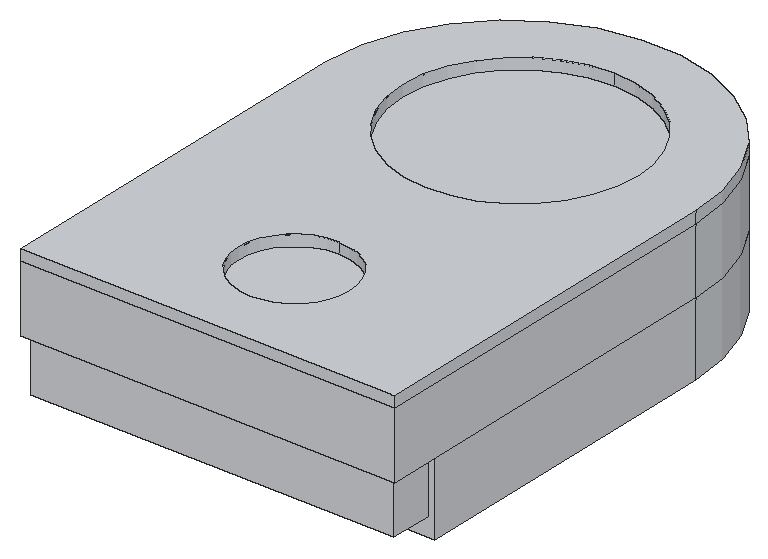
Revit family "Gira_026867", category Electrical Fixtures, host Face, Revit 2017
Family settings
  Host = Face
  Maintain Annotation Orientation = Yes
  Round Connector Dimension = Use Diameter
  Part Type = Normal
  Cut with Voids When Loaded = No
  Shared = No
  Room Calculation Point = No
Parameters (values of type "Blindabd. Gira TX_44 (WG UP) Anthrazit")
  Zusammenstellung = "Zentralplatte"
  Werkstoffgüte = "sonstige"
  Werkstoff = "sonstige"
  Verwendung = "Blindabdeckung"
  URL = "http://katalog.gira.de/de_DE/datenblatt.html?artikelnr=026867"
  Transparent = "No"
  Tragring = "No"
  Region = "DE"
  Oberfläche = "sonstige"
  Name = "Blindabd. Gira TX_44 (WG UP) Anthrazit"
  Montageart = "unter Putz"
  Mit Zugentlastung = "No"
  Mit Staubschutz = "No"
  Mit Klappdeckel = "No"
  Mit Aufdruck = "No"
  Manufacturer URL = "https://www.gira.de/"
  Lüsterklemme = "No"
  Keynote = "Türstation_Schalten und Tasten"
  HeinzeBIM = "https://bimportal.heinze.de/bim/blindabd-gira-tx-44-wg-up-anthrazit/570e2759334f7a04389f9be654b5f36303fffd55"
  Halogenfrei = "No"
  HAN = "026867"
  Geeignet für Schutzart (IP) = "IP44"
  GTIN = "4010337268673"
  Farbe = "anthrazit"
  Default Elevation = 1219.2 mm
  Data sheet (1) = "https://katalog.gira.de/de_DE/download.html?artikelnr=026867"
  Category = "Einsatz/Abdeckung für Kommunikationstechnik"
  Beschriftungsfeld = "ohne Beschriftungsfeld"
  Befestigungsart = "Befestigung mit Schraube"
  Available = "Yes"
  Ausführung der Oberfläche = "nicht zutreffend"
Reference planes
  plane 1 "Center (Front/Back)": y = 0
  plane 2: z = 0
  plane 3 "Center (Left/Right)": x = 0
Forms (mm)
  Extrusion 1, solid, detail levels fine
    sketch origin (0, 0, 0) x (1, 0, 0) y (0, 1, 0)
      loop
        line (33.49, -50.461) -> (33.49, 16.971)
        arc (33.49, 16.971) -> (0.419, 50.458) -> (-33.479, 17.809) r 33.49
        line (-33.479, 17.809) -> (-33.479, -50.461) -> (33.49, -50.461)
      loop
        circle (0, 19.471) r 21
      loop
        circle (0, -31.029) r 10
    from 25 to 27
  Extrusion 2, solid, detail levels fine
    sketch origin (0, 0, 0) x (1, 0, 0) y (0, 1, 0)
      loop
        arc (33.49, 16.971) -> (0.419, 50.458) -> (-33.479, 17.809) r 33.49
        line (-33.479, 17.809) -> (-33.479, -50.461) -> (33.49, -50.461) -> (33.49, 16.971)
    from 13 to 25
  Extrusion 3, solid, detail levels fine
    sketch origin (0, 0, 0) x (1, 0, 0) y (0, 1, 0)
      loop
        arc (33.49, 16.971) -> (0.419, 50.458) -> (-33.479, 17.809) r 33.49
        line (-33.479, 17.809) -> (-33.479, -41.508) -> (33.49, -41.508) -> (33.49, 16.971)
    from 0 to 13
  Extrusion 4, solid, detail levels fine
    sketch origin (0, 0, 0) x (1, 0, 0) y (0, 1, 0)
      loop
        line (32.5, -49.379) -> (32.5, -41.879) -> (-32.5, -41.879) -> (-32.5, -49.379) -> (32.5, -49.379)
    from 3.5 to 13
  Extrusion 5, solid, detail levels medium
    sketch origin (0, 0, 0) x (1, 0, 0) y (0, 1, 0)
      loop
        arc (33.49, 16.971) -> (0.419, 50.458) -> (-33.479, 17.809) r 33.49
        line (-33.479, 17.809) -> (-33.479, -50.461) -> (33.49, -50.461) -> (33.49, 16.971)
    from 0 to 27
  Extrusion 6, solid, detail levels coarse
    sketch origin (0, 0, 0) x (1, 0, 0) y (0, 1, 0)
      loop
        line (-33.479, 50.461) -> (-33.479, -50.461) -> (33.49, -50.461) -> (33.49, 50.461) -> (-33.479, 50.461)
    from 0 to 27
Dimensions and locks
  aligned and locked: plane 2 to host face
  aligned and locked: level to host face
  aligned and locked: plane 3 "Center (Left/Right)" to nested 1
  aligned and locked: plane 1 "Center (Front/Back)" to nested 1
Nested families
  nested 1: "Taster mit Türöffner - Beschriftung" at (0, 0, 0), type "Taster mit Türöffner - Beschriftung"
Connectors
  electrical at (0.005, 0, 0)
    settings: on Extrusion 6, index 1, voltage 220 V, apparent load 0 VA, apparent load phase1 0 VA, apparent load phase2 0 VA, apparent load phase3 0 VA, power factor 1, load classification "Other", number of poles 1, system type 30, power factor state 1, is connector primary yes, connector utility no, sub classification motor no, connector description ""
Definition of nested family "Taster mit Türöffner - Beschriftung"
  Reference planes
    plane 1: y = 0
    plane 2: x = 0
  Lines and regions (mm)
    detail lines
      curve 1: line (3, 0, 0) -> (-3, 0, 0)
      curve 2: line (3, 3, 0) -> (3, 0, 0)
      curve 3: line (-3, 3, 0) -> (3, 3, 0)
      curve 4: line (-3, 0, 0) -> (-3, 3, 0)
      curve 5: line (3, 3, 0) -> (-3, 0, 0)
      curve 7: circle (1.899, 1.25, 0) r 0.8 normal (0, 0, 1)
      curve 8: circle (1.899, 1.25, 0) r 0.4 normal (0, 0, 1)
      curve 10: line (-0.152, 2.6, 0) -> (-1.152, 2.6, 0)
      curve 11: line (-1.852, 2.6, 0) -> (-2.552, 2.6, 0)
      curve 12: line (-1.852, 2.6, 0) -> (-1.852, 2.3, 0)
      curve 13: line (-1.152, 2.6, 0) -> (-1.903, 2.326, 0)
    reference lines
      curve 6: line (3, 1.5, 0) -> (-3, 1.5, 0)
      curve 9: line (3.348, 2.6, 0) -> (-3.652, 2.6, 0)
  Dimensions and locks
    curve 2 to curve 4 = 6 mm
    curve 3 to curve 1 = 3 mm
    curve 9 to curve 3 = 0.4 mm
